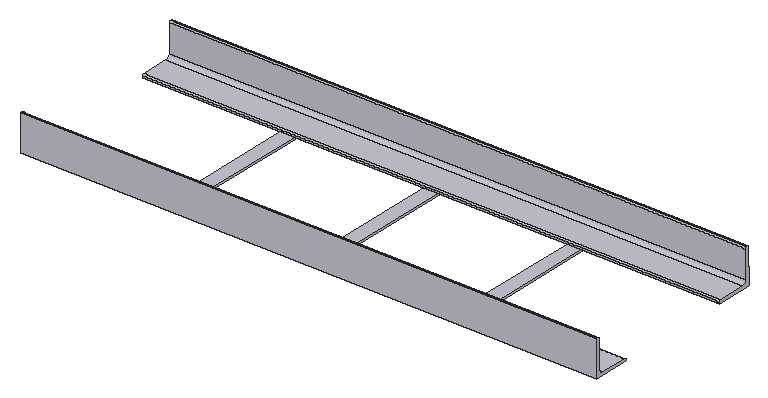
Revit family "PGS_Обобщенная модель_Перемычка металлическая_18.01_удален пар-р", category Обобщенные модели, Revit 2022
Family settings
  Основа = Стена
  Может служить основой для арматурных стержней = Нет
  Размер круглого соединителя = Использовать диаметр
  Тип детали = Нормальный
  Всегда вертикально = Да
  При загрузке вырезать с полостями = Нет
  Сохранять ориентацию аннотаций = Нет
  Общий = Да
  Точка принадлежности помещению = Нет
Parameters (values of type "ADSK_Обобщенная модель_Перемычка из уголков")
  уголок_опирание_2 [instance] = 250 mm
  уголок_опирание_1 [instance] = 250 mm
  толщина стены [instance] = Толщина стены  # 920 mm
  полоса_шаг [instance] = if(Полоса_Шаг < size_lookup(ТВ1, "b", 10 mm, Полоса), size_lookup(ТВ1, "b", 10 mm, Полоса), Полоса_Шаг)  # 500 mm
  Ширина проема [instance] = 1510 mm
  Уголок_Полки внутрь [instance] = no
  Толщина утеплителя [instance] = 0 mm
  Толщина сердцевины [instance] = 640 mm
  Толщина наружной отделки [instance] = 260 mm
  Толщина внутренней отделки [instance] = 20 mm
  ТВ3 = "Уголок_ГОСТ 8510-86"  # constant formula
  Проверка_неравн_уголок [instance] = if(m_неравн_на_мп > 0.00 kg/m, 1 = 1, 1 = 0)  # no
  Полоса [instance] = "6x50"
  Орг.ТипВключатьВСпецификацию [instance] = no
  Орг.ИзделиеТипПодсчета [instance] = 200  # constant formula
  Опорные уголки [instance] = "125х10"
  Мрк.МаркаКонструкции [instance] = ""
  Внутренний уголок [instance] = "125х10"
  Уголок для облицовки [instance] = "125х10"
  ТВ2 = "Уголок_ГОСТ 8509-93"  # constant formula
  толщина внутренней отделки [instance] = if(Толщина стены - Толщина внутренней отделки - Толщина наружной отделки = Толщина сердцевины, Толщина внутренней отделки, Толщина стены - Толщина внутренней отделки)  # 20 mm
  ТВ1 = "Прокат_Полоса_ГОСТ 103-2006"  # constant formula
  Размер четверти [instance] = 0 mm
  Пластина_отступ_массив [instance] = if((Ширина проема - полоса_шаг * (round(Ширина проема / полоса_шаг) - 1)) / 2 > size_lookup(ТВ1, "b", 0 mm, Полоса) / 2, (Ширина проема - полоса_шаг * (round(Ширина проема / полоса_шаг) - 1)) / 2, (Ширина проема - полоса_шаг * (round(Ширина проема / полоса_шаг) - 2)) / 2)  # 255 mm
  Полоса_Шаг [instance] = 500 mm
  Полоса_Отступ [instance] = 40 mm
  Пластина_Длина [instance] = Толщина сердцевины - 2 * Полоса_Отступ  # 560 mm
  Пластина_N [instance] = if((Ширина проема - Полоса_Шаг * (round(Ширина проема / Полоса_Шаг) - 1)) / 2 > size_lookup(ТВ1, "b", 0 mm, Полоса) / 2, Ширина проема / Полоса_Шаг, Ширина проема / Полоса_Шаг - 1)  # 3
  Перемычка 1 [instance] = Толщина утеплителя > 0 mm  # no
  Отметка по умолчанию = 0 mm
  Отметка перемычки [instance] = 2000 mm
  Описание = "Перемычка"  # constant formula
  Уголок_Длина [instance] = Ширина проема + уголок_опирание_1 + уголок_опирание_2  # 2010 mm
  Толщина стены [instance] = 920 mm
  Вкл_Видимость_1 уголок [instance] = no
  Видимость_опорный уголок_2 [instance] = no
  Видимость_опорный уголок_1 [instance] = no
  Видимость_2 уголок_неравн [instance] = if(and(Проверка_неравн_уголок, Вкл_Видимость_1 уголок), 1 = 0, if(Проверка_неравн_уголок, 1 = 1, 1 = 0))  # no
  Видимость_2 уголок [instance] = if(Вкл_Видимость_1 уголок, 1 = 0, if(not(Проверка_неравн_уголок), 1 = 1, 1 = 0))  # yes
  Видимость_1 уголок_неравн [instance] = if(Проверка_неравн_уголок, 1 = 1, 1 = 0)  # no
  Видимость_1 уголок [instance] = if(not(Видимость_1 уголок_неравн), 1 = 1, 1 = 0)  # yes
  Видимость пластин [instance] = if(or(Видимость_2 уголок, Видимость_2 уголок_неравн), 1 = 1, 1 = 0)  # yes
  m_полоса_на_мп [instance] = size_lookup(ТВ1, "ADSK_Масса на единицу длины", 0.00 kg/m, Полоса)  # 2.355 kg/m
  m_опорн_на_мп [instance] = size_lookup(ТВ2, "ADSK_Масса на единицу длины", 0.00 kg/m, Опорные уголки)  # 19.10 kg/m
  m_облиц_на_мп [instance] = size_lookup(ТВ2, "ADSK_Масса на единицу длины", 0.00 kg/m, Уголок для облицовки)  # 19.10 kg/m
  m_неравн_на_мп [instance] = size_lookup(ТВ3, "ADSK_Масса на единицу длины", 0.00 kg/m, Внутренний уголок)  # 0.00 kg/m
  m_внутр_на_мп [instance] = size_lookup(ТВ2, "ADSK_Масса на единицу длины", 0.00 kg/m, Внутренний уголок)  # 19.10 kg/m
  m4_2 [instance] = if(Видимость_опорный уголок_2, m_опорн_на_мп * Толщина сердцевины, 0.00 kg)  # 0.00 kg
  m4_1 [instance] = if(Видимость_опорный уголок_1, m_опорн_на_мп * Толщина сердцевины, 0.00 kg)  # 0.00 kg
  m3 [instance] = if(Видимость пластин, m_полоса_на_мп * Пластина_Длина, 0.00 kg)  # 1.3188 kg
  m2_4 [instance] = if(Видимость_2 уголок_неравн, m_неравн_на_мп * Уголок_Длина, 0.00 kg)  # 0.00 kg
  m2_3 [instance] = if(Видимость_1 уголок_неравн, m_неравн_на_мп * Уголок_Длина, 0.00 kg)  # 0.00 kg
  m2_2 [instance] = if(Видимость_2 уголок, m_внутр_на_мп * Уголок_Длина, 0.00 kg)  # 38.391 kg
  m2_1 [instance] = if(Видимость_1 уголок, m_внутр_на_мп * Уголок_Длина, 0.00 kg)  # 38.391 kg
  m1 [instance] = if(Перемычка 1, m_облиц_на_мп * Уголок_Длина, 0.00 kg)  # 0.00 kg
  b4 [instance] = if(Уголок_Полки внутрь, Толщина стены / 2 - Толщина внутренней отделки, Толщина стены / 2 - Толщина внутренней отделки + size_lookup(ТВ2, "t", 0 mm, Внутренний уголок))  # 450 mm
  b3 [instance] = Толщина стены / 2 - Толщина наружной отделки - Полоса_Отступ  # 160 mm
  b2 [instance] = if(Уголок_Полки внутрь, Толщина стены / 2 - Толщина наружной отделки, Толщина стены / 2 - Толщина наружной отделки + size_lookup(ТВ2, "t", 0 mm, Внутренний уголок))  # 210 mm
  b1 [instance] = Толщина стены / 2 - Толщина наружной отделки + Толщина утеплителя - size_lookup(ТВ2, "t", 0 mm, Уголок для облицовки)  # 190 mm
  PGS_МаркаПеремычки [instance] = ""
  ADSK_Позиция_Сортировка [instance] = size_lookup(ТВ2, "ADSK_Группа конструкций", 0, Внутренний уголок) * 10000000000 + size_lookup(ТВ1, "ADSK_Группа конструкций", 0, Полоса) * 100000000 + if(Перемычка 1, size_lookup(ТВ2, "ADSK_Группа конструкций", 0, Уголок для облицовки), 0) * 1000000 + Уголок_Длина / 100 mm * 10000 + Пластина_Длина / 10 mm * 100 + Полоса_Шаг / 10 mm + if(and(Размер четверти > 0 mm, Толщина утеплителя > 0 mm), 0.1, 0) + if(Толщина утеплителя > 0 mm, 0.2, 0) + if(Уголок_Полки внутрь, 0.01, 0)  # 588800206610
  ADSK_Наименование [instance] = "Перемычка металлическая"  # constant formula
  ADSK_Масса элемента [instance] = m1 + m2_1 + m2_2 + m2_3 + m2_4 + m3 * Пластина_N + m4_1 + m4_2  # 80.7384 kg
  ADSK_Группирование [instance] = "Родительское"
  ADSK_Группа конструкций [instance] = 6
  ADSK_Версия семейства = "1.0"  # constant formula
  ADSK_Версия Revit = "2022"  # constant formula
Types (2): name
  ADSK_Обобщенная модель_Перемычка из уголков
  Перемычка из уголков
Reference planes
  plane 1 "Стена": y = 0
  plane 2 "По центру (Влево/Вправо)": x = 125
  plane 3 "Сзади": y = 460
  plane 4: y = -440
  plane 5: y = 190
  plane 6: y = 160
  plane 7: y = -450
  plane 8 "Плоскость отметки": z = 2000
  plane 9: y = -120
  plane 10: z = 2000
  plane 11: y = -460
  plane 12: z = 0
  plane 13: x = -630
  plane 14: x = 880
  plane 15: x = -880
  plane 16: x = 1130
  plane 17: y = 210
  plane 18: x = -375
  plane 19: x = 125
Lines and regions (mm)
  model lines, style "InvisibleLines", not visible
    curve 1: line (125, 0, 2000) -> (125, 0, 0)
  symbolic lines, style "Условные элементы", detail levels coarse
    curve 2: line (-880, -120, 0) -> (1130, -120, 0)
Text (mm)
  text "Сторона размещения" at (-1848.837, 1116.779, 0), in view "Опорный уровень"
  text "Сторона размещения" at (0, 1409.804, 2854.306), in view "Слева"
  text "Сторона размещения" at (0, 499.811, 2980.732), in view "Справа"
Dimensions and locks
  locked: plane 3 "Сзади" to host wall
  "Толщина сердцевины": host wall to host wall
  "Размер четверти": plane 8 "Плоскость отметки" to plane 10
  "Толщина внутренней отделки": host wall to host wall
  "толщина внутренней отделки": plane 4 to plane 11
  "Толщина стены": host wall to host wall
  "Отметка перемычки": plane 8 "Плоскость отметки" to plane 12
  "Толщина наружной отделки": host wall to host wall
  equal spacing: host wall, plane 9, host wall
  equal spacing: plane 13, plane 2 "По центру (Влево/Вправо)", plane 14
  "Ширина проема": plane 13 to plane 14
  "толщина стены": plane 3 "Сзади" to plane 11
  "b1": plane 5 to plane 1 "Стена"
  "b3": plane 6 to plane 1 "Стена"
  "b4": plane 1 "Стена" to plane 7
  "b2": plane 17 to plane 1 "Стена"
  "полоса_шаг": plane 18 to plane 19
  "Пластина_отступ_массив": plane 13 to plane 18
  equal spacing: group 1, group 2, group 3  (x3)
  "уголок_опирание_2": plane 14 to plane 16
  "уголок_опирание_1": plane 15 to plane 13
  aligned and locked: plane 1 "Стена" to host wall
  aligned and locked: plane 10 to nested 1
  aligned and locked: level to plane 12
  aligned and locked: plane 2 "По центру (Влево/Вправо)" to curve 1
  aligned and locked: curve 2 to plane 9
  aligned and locked: plane 15 to curve 2
  aligned and locked: plane 16 to curve 2
  aligned and locked: plane 5 to nested 1
  aligned and locked: plane 8 "Плоскость отметки" to nested 2  (x2)
  aligned and locked: plane 6 to nested 2
  aligned and locked: plane 17 to nested 3
  aligned and locked: nested 4 to plane 7
  aligned and locked: plane 18 to nested 2
  aligned and locked: plane 19 to nested 5
  aligned and locked: nested 2 to plane 6
  aligned and locked: plane 6 to nested 5
  aligned and locked: nested 5 to plane 8 "Плоскость отметки"
  aligned and locked: nested 1 to plane 13
  aligned and locked: nested 3 to plane 13
  aligned and locked: plane 14 to nested 3
  aligned and locked: plane 13 to nested 4
  aligned and locked: nested 4 to plane 14
  aligned and locked: plane 15 to nested 7
  aligned and locked: plane 8 "Плоскость отметки" to nested 7
  aligned and locked: plane 16 to nested 8
  aligned and locked: nested 7 to plane 8 "Плоскость отметки"
  aligned and locked: plane 8 "Плоскость отметки" to nested 8
  aligned and locked: plane 4 to nested 7  (x2)
  aligned and locked: plane 4 to nested 8
  aligned and locked: nested 7 to plane 4
  aligned and locked: nested 10 to plane 2 "По центру (Влево/Вправо)"
  aligned and locked: plane 7 to nested 10
  aligned and locked: plane 17 to nested 9
  aligned and locked: nested 9 to plane 13
  aligned and locked: nested 10 to plane 13
  aligned and locked: nested 9 to plane 8 "Плоскость отметки"
  aligned and locked: nested 10 to plane 8 "Плоскость отметки"
Automatic sketch dimensions
  curve 1 to level = 0 mm
  curve 1 to plane 8 "Плоскость отметки" = 0 mm
Nested families
  nested 1: "ADSK_ОбобщеннаяМодель_Уголок_ГОСТ 85091" at (350, 190, 2000) x (-1, 0, 0) z (0, 0, 1), Тип уголка <- "Уголок для облицовки", visible <- "Перемычка 1", ADSK_Группа конструкций <- "ADSK_Группа конструкций", Орг.ТипВключатьВСпецификацию <- "Орг.ТипВключатьВСпецификацию", Мрк.МаркаКонструкции <- "Мрк.МаркаКонструкции", ADSK_Масса элемента <- "m1", Длина_без опирания <- "Ширина проема", Опирание_1 <- "уголок_опирание_2", Опирание_2 <- "уголок_опирание_1", type "ADSK_ОбобщеннаяМодель_Уголок_ГОСТ 8509-93", detail levels medium+fine
    with Тип уголка "125х10", Смещение по Z yes, Смещение по Y yes, Профиль развернут no, Орг.ТипВключатьВСпецификацию no, Орг.ИзделиеТипПодсчета 100, Опирание_2 250 mm, Опирание_1 250 mm, Длина_без опирания 1510 mm, t 1.0 cm, r 0.46 cm, iyo 2.47 cm, ix 3.85 cm, b 12.5 cm, Z 34.5 mm, Y 34.5 mm, Xo 3.45 cm, Wyo 30.45 cm³, Wx 39.74 cm³, R 1.4 cm, PGS_МаркаПеремычки "", Iyo 148.59 cm⁴, Ixy 211.00 cm⁴, Ixo 571.04 cm⁴, Ix 359.82 cm⁴, ADSK_Тип элемента КМ 2, ADSK_Позиция ведомость элементов "", ADSK_Наименование профиля "Уголки стальные горячекатаные равнополочные", ADSK_Наименование краткое "125x10", ADSK_Наименование "125x10", ADSK_Материал ADSK_Металл_Сталь литейная, ADSK_Масса элемента 0.00 kg, ADSK_Масса на единицу длины 19.10 kg/m, Мрк.МаркаКонструкции "", Мрк.МаркаИзделия "", ADSK_Деталь наоборот no, ADSK_Группирование "Вложенное", ADSK_Группа конструкций 6, ADSK_Главная деталь конструкции no, Орг.ГлавнаяДетальСборки no, ADSK_Размер_Длина 2010 mm
  nested 2: "ADSK_ОбобщеннаяМодель_Прокат_Полоса_ГОСТ 103-2006" at (-375, -400, 2000) x (0, 1, 0) z (0, 0, -1), Сечение проката <- "Полоса", ADSK_Размер_Длина <- "Пластина_Длина", visible <- "Видимость пластин", ADSK_Группа конструкций <- "ADSK_Группа конструкций", ADSK_Шаг элементов <- "Полоса_Шаг", Орг.ТипВключатьВСпецификацию <- "Орг.ТипВключатьВСпецификацию", Мрк.МаркаКонструкции <- "Мрк.МаркаКонструкции", ADSK_Масса элемента <- "m3", type "ADSK_ОбобщеннаяМодель_Прокат_Полоса_ГОСТ 103-2006", detail levels medium+fine
    with Угол поворота сечения 0.00°, Угол 0.00°, Угловой вырез_Сторона 2 2.0 cm, Угловой вырез_Сторона 1 4.0 cm, Угловой вырез_Радиус 2.0 cm, Угловой вырез_4 none, Угловой вырез_3 none, Угловой вырез_2 none, Угловой вырез_1 none, Смещение по Z yes, Смещение по Y no, Сечение проката "6x50", Орг.ТипВключатьВСпецификацию no, Орг.ИзделиеТипПодсчета 100, Вырез под болты_С торцов none, Вырез под болты_С боков none, Вырез под болты_Размер до центра 20 mm, Вырез под болты_Диаметр 20 mm, Видимость линии yes, b 5.0 cm, a 0.6 cm, Z(1) 0.6 cm, Z(-1) 0.0 cm, Z 0.3 cm, Y(1) 2.5 cm, Y(-1) 2.5 cm, Y 0.0 cm, PGS_МаркаПеремычки "", ADSK_Шаг элементов 500 mm, ADSK_Тип элемента КМ 2, ADSK_Размер_Длина 560 mm, ADSK_Позиция ведомость элементов "", ADSK_Обозначение "ГОСТ 103-2006", ADSK_НаименованиеСоставное_Текст1 "Полоса", ADSK_Наименование профиля "Прокат сортовой стальной горячекатаный полосовой", ADSK_Наименование краткое "t6", ADSK_Наименование "6x50", ADSK_Материал ADSK_Металл_Сталь литейная, ADSK_Масса элемента 1.3188 kg, ADSK_Масса на единицу длины 2.355 kg/m, Мрк.МаркаКонструкции "", Мрк.МаркаИзделия "", ADSK_Деталь наоборот no, ADSK_Группирование "Вложенное", ADSK_Группа конструкций 6, ADSK_Главная деталь конструкции no, Орг.ГлавнаяДетальСборки no
  nested 3: "ADSK_ОбобщеннаяМодель_Уголок_ГОСТ 85091" at (-100, 210, 2000), ADSK_Группа конструкций <- "ADSK_Группа конструкций", Тип уголка <- "Внутренний уголок", Профиль развернут <- "Уголок_Полки внутрь", visible <- "Видимость_2 уголок", Орг.ТипВключатьВСпецификацию <- "Орг.ТипВключатьВСпецификацию", Мрк.МаркаКонструкции <- "Мрк.МаркаКонструкции", ADSK_Масса элемента <- "m2_1", Опирание_1 <- "уголок_опирание_1", Опирание_2 <- "уголок_опирание_2", Длина_без опирания <- "Ширина проема", type "ADSK_ОбобщеннаяМодель_Уголок_ГОСТ 8509-93", detail levels medium+fine
    with Тип уголка "125х10", Смещение по Z yes, Смещение по Y yes, Профиль развернут no, Орг.ТипВключатьВСпецификацию no, Орг.ИзделиеТипПодсчета 100, Опирание_2 250 mm, Опирание_1 250 mm, Длина_без опирания 1510 mm, t 1.0 cm, r 0.46 cm, iyo 2.47 cm, ix 3.85 cm, b 12.5 cm, Z 34.5 mm, Y 34.5 mm, Xo 3.45 cm, Wyo 30.45 cm³, Wx 39.74 cm³, R 1.4 cm, PGS_МаркаПеремычки "", Iyo 148.59 cm⁴, Ixy 211.00 cm⁴, Ixo 571.04 cm⁴, Ix 359.82 cm⁴, ADSK_Тип элемента КМ 2, ADSK_Позиция ведомость элементов "", ADSK_Наименование профиля "Уголки стальные горячекатаные равнополочные", ADSK_Наименование краткое "125x10", ADSK_Наименование "125x10", ADSK_Материал ADSK_Металл_Сталь литейная, ADSK_Масса элемента 38.391 kg, ADSK_Масса на единицу длины 19.10 kg/m, Мрк.МаркаКонструкции "", Мрк.МаркаИзделия "", ADSK_Деталь наоборот no, ADSK_Группирование "Вложенное", ADSK_Группа конструкций 6, ADSK_Главная деталь конструкции no, Орг.ГлавнаяДетальСборки no, ADSK_Размер_Длина 2010 mm
  nested 4: "ADSK_ОбобщеннаяМодель_Уголок_ГОСТ 85091" at (-100, -450, 2000), ADSK_Группа конструкций <- "ADSK_Группа конструкций", Тип уголка <- "Внутренний уголок", Профиль развернут <- "Уголок_Полки внутрь", visible <- "Видимость_1 уголок", Орг.ТипВключатьВСпецификацию <- "Орг.ТипВключатьВСпецификацию", Мрк.МаркаКонструкции <- "Мрк.МаркаКонструкции", ADSK_Масса элемента <- "m2_1", Опирание_1 <- "уголок_опирание_1", Опирание_2 <- "уголок_опирание_2", Длина_без опирания <- "Ширина проема", type "ADSK_ОбобщеннаяМодель_Уголок_ГОСТ 8509-93", detail levels medium+fine
    with Тип уголка "125х10", Смещение по Z yes, Смещение по Y yes, Профиль развернут no, Орг.ТипВключатьВСпецификацию no, Орг.ИзделиеТипПодсчета 100, Опирание_2 250 mm, Опирание_1 250 mm, Длина_без опирания 1510 mm, t 1.0 cm, r 0.46 cm, iyo 2.47 cm, ix 3.85 cm, b 12.5 cm, Z 34.5 mm, Y 34.5 mm, Xo 3.45 cm, Wyo 30.45 cm³, Wx 39.74 cm³, R 1.4 cm, PGS_МаркаПеремычки "", Iyo 148.59 cm⁴, Ixy 211.00 cm⁴, Ixo 571.04 cm⁴, Ix 359.82 cm⁴, ADSK_Тип элемента КМ 2, ADSK_Позиция ведомость элементов "", ADSK_Наименование профиля "Уголки стальные горячекатаные равнополочные", ADSK_Наименование краткое "125x10", ADSK_Наименование "125x10", ADSK_Материал ADSK_Металл_Сталь литейная, ADSK_Масса элемента 38.391 kg, ADSK_Масса на единицу длины 19.10 kg/m, Мрк.МаркаКонструкции "", Мрк.МаркаИзделия "", ADSK_Деталь наоборот no, ADSK_Группирование "Вложенное", ADSK_Группа конструкций 6, ADSK_Главная деталь конструкции no, Орг.ГлавнаяДетальСборки no, ADSK_Размер_Длина 2010 mm
  nested 5: "ADSK_ОбобщеннаяМодель_Прокат_Полоса_ГОСТ 103-2006" at (125, -400, 2000) x (0, 1, 0) z (0, 0, -1), Сечение проката <- "Полоса", ADSK_Размер_Длина <- "Пластина_Длина", visible <- "Видимость пластин", ADSK_Группа конструкций <- "ADSK_Группа конструкций", ADSK_Шаг элементов <- "Полоса_Шаг", Орг.ТипВключатьВСпецификацию <- "Орг.ТипВключатьВСпецификацию", Мрк.МаркаКонструкции <- "Мрк.МаркаКонструкции", ADSK_Масса элемента <- "m3", type "ADSK_ОбобщеннаяМодель_Прокат_Полоса_ГОСТ 103-2006", detail levels medium+fine
    with Угол поворота сечения 0.00°, Угол 0.00°, Угловой вырез_Сторона 2 2.0 cm, Угловой вырез_Сторона 1 4.0 cm, Угловой вырез_Радиус 2.0 cm, Угловой вырез_4 none, Угловой вырез_3 none, Угловой вырез_2 none, Угловой вырез_1 none, Смещение по Z yes, Смещение по Y no, Сечение проката "6x50", Орг.ТипВключатьВСпецификацию no, Орг.ИзделиеТипПодсчета 100, Вырез под болты_С торцов none, Вырез под болты_С боков none, Вырез под болты_Размер до центра 20 mm, Вырез под болты_Диаметр 20 mm, Видимость линии yes, b 5.0 cm, a 0.6 cm, Z(1) 0.6 cm, Z(-1) 0.0 cm, Z 0.3 cm, Y(1) 2.5 cm, Y(-1) 2.5 cm, Y 0.0 cm, PGS_МаркаПеремычки "", ADSK_Шаг элементов 500 mm, ADSK_Тип элемента КМ 2, ADSK_Размер_Длина 560 mm, ADSK_Позиция ведомость элементов "", ADSK_Обозначение "ГОСТ 103-2006", ADSK_НаименованиеСоставное_Текст1 "Полоса", ADSK_Наименование профиля "Прокат сортовой стальной горячекатаный полосовой", ADSK_Наименование краткое "t6", ADSK_Наименование "6x50", ADSK_Материал ADSK_Металл_Сталь литейная, ADSK_Масса элемента 1.3188 kg, ADSK_Масса на единицу длины 2.355 kg/m, Мрк.МаркаКонструкции "", Мрк.МаркаИзделия "", ADSK_Деталь наоборот no, ADSK_Группирование "Вложенное", ADSK_Группа конструкций 6, ADSK_Главная деталь конструкции no, Орг.ГлавнаяДетальСборки no
  nested 6: "ADSK_ОбобщеннаяМодель_Прокат_Полоса_ГОСТ 103-2006" at (625, -400, 2000) x (0, 1, 0) z (0, 0, -1), Сечение проката <- "Полоса", ADSK_Размер_Длина <- "Пластина_Длина", visible <- "Видимость пластин", ADSK_Группа конструкций <- "ADSK_Группа конструкций", ADSK_Шаг элементов <- "Полоса_Шаг", Орг.ТипВключатьВСпецификацию <- "Орг.ТипВключатьВСпецификацию", Мрк.МаркаКонструкции <- "Мрк.МаркаКонструкции", ADSK_Масса элемента <- "m3", type "ADSK_ОбобщеннаяМодель_Прокат_Полоса_ГОСТ 103-2006", detail levels medium+fine
    with Угол поворота сечения 0.00°, Угол 0.00°, Угловой вырез_Сторона 2 2.0 cm, Угловой вырез_Сторона 1 4.0 cm, Угловой вырез_Радиус 2.0 cm, Угловой вырез_4 none, Угловой вырез_3 none, Угловой вырез_2 none, Угловой вырез_1 none, Смещение по Z yes, Смещение по Y no, Сечение проката "6x50", Орг.ТипВключатьВСпецификацию no, Орг.ИзделиеТипПодсчета 100, Вырез под болты_С торцов none, Вырез под болты_С боков none, Вырез под болты_Размер до центра 20 mm, Вырез под болты_Диаметр 20 mm, Видимость линии yes, b 5.0 cm, a 0.6 cm, Z(1) 0.6 cm, Z(-1) 0.0 cm, Z 0.3 cm, Y(1) 2.5 cm, Y(-1) 2.5 cm, Y 0.0 cm, PGS_МаркаПеремычки "", ADSK_Шаг элементов 500 mm, ADSK_Тип элемента КМ 2, ADSK_Размер_Длина 560 mm, ADSK_Позиция ведомость элементов "", ADSK_Обозначение "ГОСТ 103-2006", ADSK_НаименованиеСоставное_Текст1 "Полоса", ADSK_Наименование профиля "Прокат сортовой стальной горячекатаный полосовой", ADSK_Наименование краткое "t6", ADSK_Наименование "6x50", ADSK_Материал ADSK_Металл_Сталь литейная, ADSK_Масса элемента 1.3188 kg, ADSK_Масса на единицу длины 2.355 kg/m, Мрк.МаркаКонструкции "", Мрк.МаркаИзделия "", ADSK_Деталь наоборот no, ADSK_Группирование "Вложенное", ADSK_Группа конструкций 6, ADSK_Главная деталь конструкции no, Орг.ГлавнаяДетальСборки no
  nested 7: "ADSK_ОбобщеннаяМодель_Уголок_ГОСТ 85091_опорный" at (-755, -130, 2000) x (0, 1, 0) z (0, 0, -1), ADSK_Группа конструкций <- "ADSK_Группа конструкций", Тип уголка <- "Опорные уголки", visible <- "Видимость_опорный уголок_1", Орг.ТипВключатьВСпецификацию <- "Орг.ТипВключатьВСпецификацию", Мрк.МаркаКонструкции <- "Мрк.МаркаКонструкции", ADSK_Масса элемента <- "m4_1", ADSK_Размер_Длина <- "Толщина сердцевины", type "ADSK_ОбобщеннаяМодель_Уголок_ГОСТ 8509-93 2", detail levels medium+fine
    with Тип уголка "125х10", Смещение по Z yes, Смещение по Y yes, Профиль развернут yes, Орг.ТипВключатьВСпецификацию no, Орг.ИзделиеТипПодсчета 100, t 1.0 cm, r 0.46 cm, iyo 2.47 cm, ix 3.85 cm, b 12.5 cm, Z 34.5 mm, Y 90.5 mm, Xo 3.45 cm, Wyo 30.45 cm³, Wx 39.74 cm³, R 1.4 cm, PGS_МаркаПеремычки "", Iyo 148.59 cm⁴, Ixy 211.00 cm⁴, Ixo 571.04 cm⁴, Ix 359.82 cm⁴, ADSK_Тип элемента КМ 2, ADSK_Размер_Длина 640 mm, ADSK_Позиция ведомость элементов "", ADSK_Наименование профиля "Уголки стальные горячекатаные равнополочные", ADSK_Наименование краткое "125x10", ADSK_Наименование "125x10", ADSK_Материал ADSK_Металл_Сталь литейная, ADSK_Масса элемента 0.00 kg, ADSK_Масса на единицу длины 19.10 kg/m, Мрк.МаркаКонструкции "", Мрк.МаркаИзделия "", ADSK_Деталь наоборот no, ADSK_Группирование "Вложенное", ADSK_Группа конструкций 6, ADSK_Главная деталь конструкции no, Орг.ГлавнаяДетальСборки no
  nested 8: "ADSK_ОбобщеннаяМодель_Уголок_ГОСТ 85091_опорный" at (1130, -130, 2000) x (0, 1, 0) z (0, 0, -1), ADSK_Группа конструкций <- "ADSK_Группа конструкций", Тип уголка <- "Опорные уголки", visible <- "Видимость_опорный уголок_2", Орг.ТипВключатьВСпецификацию <- "Орг.ТипВключатьВСпецификацию", Мрк.МаркаКонструкции <- "Мрк.МаркаКонструкции", ADSK_Масса элемента <- "m4_2", ADSK_Размер_Длина <- "Толщина сердцевины", type "ADSK_ОбобщеннаяМодель_Уголок_ГОСТ 8509-93 2", detail levels medium+fine
    with Тип уголка "125х10", Смещение по Z yes, Смещение по Y yes, Профиль развернут no, Орг.ТипВключатьВСпецификацию no, Орг.ИзделиеТипПодсчета 100, t 1.0 cm, r 0.46 cm, iyo 2.47 cm, ix 3.85 cm, b 12.5 cm, Z 34.5 mm, Y 34.5 mm, Xo 3.45 cm, Wyo 30.45 cm³, Wx 39.74 cm³, R 1.4 cm, PGS_МаркаПеремычки "", Iyo 148.59 cm⁴, Ixy 211.00 cm⁴, Ixo 571.04 cm⁴, Ix 359.82 cm⁴, ADSK_Тип элемента КМ 2, ADSK_Размер_Длина 640 mm, ADSK_Позиция ведомость элементов "", ADSK_Наименование профиля "Уголки стальные горячекатаные равнополочные", ADSK_Наименование краткое "125x10", ADSK_Наименование "125x10", ADSK_Материал ADSK_Металл_Сталь литейная, ADSK_Масса элемента 0.00 kg, ADSK_Масса на единицу длины 19.10 kg/m, Мрк.МаркаКонструкции "", Мрк.МаркаИзделия "", ADSK_Деталь наоборот no, ADSK_Группирование "Вложенное", ADSK_Группа конструкций 6, ADSK_Главная деталь конструкции no, Орг.ГлавнаяДетальСборки no
  nested 9: "PGS_ОбобщеннаяМодель_Уголок_ГОСТ 8510-86" at (150, 155.1, 2034.3) x (-1, 0, 0) z (0, 0, 1), Опирание_1 <- "уголок_опирание_1", Опирание_2 <- "уголок_опирание_2", Длина_без опирания <- "Ширина проема", Тип уголка <- "Внутренний уголок", visible <- "Видимость_2 уголок_неравн", Мрк.МаркаКонструкции <- "Мрк.МаркаКонструкции", ADSK_Масса элемента <- "m2_4", Орг.ТипВключатьВСпецификацию <- "Орг.ТипВключатьВСпецификацию", Профиль развернут <- "Уголок_Полки внутрь", type "ADSK_ОбобщеннаяМодель_Уголок_ГОСТ 8510-86"
    with Тип уголка "125х10", Смещение по Z no, Смещение по Y no, Профиль развернут no, Орг.ТипВключатьВСпецификацию no, Орг.ИзделиеТипПодсчета 100, Орг.ГлавнаяДетальСборки no, Опирание_2 250 mm, Опирание_1 250 mm, Мрк.МаркаКонструкции "", Мрк.МаркаИзделия "", Длина_без опирания 1510 mm, t 0.3 cm, r 0.12 cm, lumin 0.00 cm⁴, ix 0.0 cm, iumin 0.0 cm, b 2.0 cm, Z 0 mm, Y 0 mm, Xo 0.12 cm, Wy 0.0 cm³, Wx 0.0 cm³, R 0.35 cm, PGS_МаркаПеремычки "", Iy 0.00 cm⁴, Ixy 0.00 cm⁴, Ix 0.00 cm⁴, ADSK_Тип элемента КМ 2, ADSK_Позиция ведомость элементов "", ADSK_Наименование профиля "Уголки стальные горячекатаные неравнополочные", ADSK_Наименование краткое "Неверный тип уголка", ADSK_Наименование "Неверный тип уголка", ADSK_Материал ADSK_Металл_Сталь литейная, ADSK_Масса элемента 0.00 kg, ADSK_Масса на единицу длины 0.00 kg/m, ADSK_Деталь наоборот no, ADSK_Группирование "Вложенное", ADSK_Группа конструкций 6, ADSK_Главная деталь конструкции no, ADSK_Размер_Длина 2010 mm
  nested 10: "PGS_ОбобщеннаяМодель_Уголок_ГОСТ 8510-86" at (100, -395.1, 2034.3), Опирание_1 <- "уголок_опирание_1", Опирание_2 <- "уголок_опирание_2", Длина_без опирания <- "Ширина проема", Тип уголка <- "Внутренний уголок", visible <- "Видимость_1 уголок_неравн", Мрк.МаркаКонструкции <- "Мрк.МаркаКонструкции", ADSK_Масса элемента <- "m2_3", Орг.ТипВключатьВСпецификацию <- "Орг.ТипВключатьВСпецификацию", Профиль развернут <- "Уголок_Полки внутрь", type "ADSK_ОбобщеннаяМодель_Уголок_ГОСТ 8510-86"
    with Тип уголка "125х10", Смещение по Z no, Смещение по Y no, Профиль развернут no, Орг.ТипВключатьВСпецификацию no, Орг.ИзделиеТипПодсчета 100, Орг.ГлавнаяДетальСборки no, Опирание_2 250 mm, Опирание_1 250 mm, Мрк.МаркаКонструкции "", Мрк.МаркаИзделия "", Длина_без опирания 1510 mm, t 0.3 cm, r 0.12 cm, lumin 0.00 cm⁴, ix 0.0 cm, iumin 0.0 cm, b 2.0 cm, Z 0 mm, Y 0 mm, Xo 0.12 cm, Wy 0.0 cm³, Wx 0.0 cm³, R 0.35 cm, PGS_МаркаПеремычки "", Iy 0.00 cm⁴, Ixy 0.00 cm⁴, Ix 0.00 cm⁴, ADSK_Тип элемента КМ 2, ADSK_Позиция ведомость элементов "", ADSK_Наименование профиля "Уголки стальные горячекатаные неравнополочные", ADSK_Наименование краткое "Неверный тип уголка", ADSK_Наименование "Неверный тип уголка", ADSK_Материал ADSK_Металл_Сталь литейная, ADSK_Масса элемента 0.00 kg, ADSK_Масса на единицу длины 0.00 kg/m, ADSK_Деталь наоборот no, ADSK_Группирование "Вложенное", ADSK_Группа конструкций 6, ADSK_Главная деталь конструкции no, ADSK_Размер_Длина 2010 mm
Definition of nested family "ADSK_ОбобщеннаяМодель_Уголок_ГОСТ 85091"
  Parameters (values of type "ADSK_ОбобщеннаяМодель_Уголок_ГОСТ 8509-93")
    Смещение по Z [instance] = no
    Смещение по Y [instance] = no
    Тип уголка [instance] = "50х5"
    ТВ = "Уголок_ГОСТ 8509-93"  # constant formula
    Профиль развернут [instance] = no
    Default Elevation = 1219.2 mm
    Орг.ТипВключатьВСпецификацию [instance] = no
    Орг.ИзделиеТипПодсчета [instance] = 100  # constant formula
    Опирание_2 [instance] = 50 mm
    Опирание_1 [instance] = 50 mm
    Длина_без опирания [instance] = 1510 mm
    r [instance] = size_lookup(ТВ, "r", 0.12 cm, ADSK_Наименование)  # 0.18 cm
    iyo [instance] = size_lookup(ТВ, "iyo", 0.0 cm, ADSK_Наименование)  # 0.98 cm
    ix [instance] = size_lookup(ТВ, "ix", 0.0 cm, ADSK_Наименование)  # 1.53 cm
    b [instance] = size_lookup(ТВ, "b", 2.0 cm, ADSK_Наименование)  # 5.0 cm
    t [instance] = size_lookup(ТВ, "t", 0.3 cm, ADSK_Наименование)  # 0.5 cm
    Z [instance] = if(Смещение по Z, Xo, 0 mm)  # 0 mm
    Y [instance] = if(Профиль развернут, if(Смещение по Y, b - Xo, 0 mm), if(Смещение по Y, Xo, 0 mm))  # 0 mm
    Xo [instance] = size_lookup(ТВ, "Xo", 0.12 cm, ADSK_Наименование)  # 1.42 cm
    Wyo [instance] = size_lookup(ТВ, "Wyo", 0.0 cm³, ADSK_Наименование)  # 2.3 cm³
    Wx [instance] = size_lookup(ТВ, "Wx", 0.0 cm³, ADSK_Наименование)  # 3.13 cm³
    R [instance] = size_lookup(ТВ, "R", 0.35 cm, ADSK_Наименование)  # 0.55 cm
    PGS_МаркаПеремычки [instance] = ""
    Iyo [instance] = size_lookup(ТВ, "Iyo", 0.00 cm⁴, ADSK_Наименование)  # 4.63 cm⁴
    Ixy [instance] = size_lookup(ТВ, "Ixy", 0.00 cm⁴, ADSK_Наименование)  # 6.57 cm⁴
    Ixo [instance] = size_lookup(ТВ, "Ixo", 0.00 cm⁴, ADSK_Наименование)  # 17.77 cm⁴
    Ix [instance] = size_lookup(ТВ, "Ix", 0.00 cm⁴, ADSK_Наименование)  # 11.20 cm⁴
    ADSK_Размер_Длина [instance] = 1610 mm
    ADSK_Позиция ведомость элементов [instance] = ""
    ADSK_Обозначение = "ГОСТ8509-93"  # constant formula
    ADSK_НаименованиеСоставное_Префикс = ""  # constant formula
    ADSK_НаименованиеСоставное_Текст1 = "Уголок"  # constant formula
    ADSK_Наименование краткое [instance] = ADSK_Наименование  # "50x5"
    ADSK_Наименование [instance] = size_lookup(ТВ, "", "Неверный тип уголка", Тип уголка)  # "50x5"
    ADSK_Материал [instance] = none
    ADSK_Масса элемента [instance] = 6.0697 kg
    ADSK_Масса на единицу длины [instance] = size_lookup(ТВ, "ADSK_Масса на единицу длины", 0.00 kg/m, ADSK_Наименование)  # 3.77 kg/m
    Мрк.МаркаКонструкции [instance] = ""
    ADSK_Тип элемента КМ [instance] = 2
    ADSK_Наименование профиля [instance] = "Уголки стальные горячекатаные равнополочные"  # constant formula
    Мрк.МаркаИзделия [instance] = ""
    ADSK_Деталь наоборот [instance] = no
    ADSK_Группирование [instance] = "Вложенное"  # constant formula
    ADSK_Группа конструкций [instance] = 6
    ADSK_Главная деталь конструкции [instance] = no
    Орг.ГлавнаяДетальСборки [instance] = no
    ADSK_Высота строки_Изображение = 0
    ADSK_Версия семейства = "1.0"  # constant formula
    ADSK_Версия Revit = "2021"  # constant formula
  Reference planes
    plane 1 "По центру (Вперед/Назад)": y = 0
    plane 2: z = 0
    plane 3 "По центру (Влево/Вправо)": x = 25
    plane 4: x = -780
    plane 5: x = 830
    plane 6: x = -730
    plane 7: x = 780
  Forms (mm)
    Sweep 1, solid, material <- "ADSK_Материал", detail levels coarse+medium
      path origin (0, 0, 0) x (1, 0, 0) y (0, 1, 0)
        loop
          line (830, 0) -> (-780, 0)
      profile "ADSK_Профиль_Уголок_ГОСТ 8509-93(ГОСТ 8510-86)_Средний : ADSK_Профиль_Уголок_ГОСТ 8509-93(ГОСТ 8510-86)_Средний" origin (25, 0, 0) x (0, -1, 0) y (0, 0, 1)
        loop
          line (-14.2, 35.8) -> (-14.2, -14.2) -> (35.8, -14.2) -> (35.8, -9.2) -> (-9.2, -9.2) -> (-9.2, 35.8) -> (-14.2, 35.8)
    Sweep 2, solid, material <- "ADSK_Материал", detail levels fine
      path origin (0, 0, 0) x (1, 0, 0) y (0, 1, 0)
        loop
          line (830, 0) -> (-780, 0)
      profile "ADSK_Профиль_Уголок_ГОСТ 8509-93(ГОСТ 8510-86)_Высокий : ADSK_Профиль_Уголок_ГОСТ 8509-93(ГОСТ 8510-86)_Высокий" origin (25, 0, 0) x (0, -1, 0) y (0, 0, 1)
        loop
          line (-14.2, 35.8) -> (-14.2, -14.2) -> (35.8, -14.2) -> (35.8, -11)
          arc (35.8, -11) -> (35.273, -9.727) -> (34, -9.2) r 1.8
          line (34, -9.2) -> (-3.7, -9.2)
          arc (-3.7, -9.2) -> (-7.589, -7.589) -> (-9.2, -3.7) r 5.5
          line (-9.2, -3.7) -> (-9.2, 34)
          arc (-9.2, 34) -> (-9.727, 35.273) -> (-11, 35.8) r 1.8
          line (-11, 35.8) -> (-14.2, 35.8)
  Lines and regions (mm)
    symbolic lines
      curve 1: line (830, 0, -9.2) -> (-780, 0, -9.2)
      curve 2: line (-780, 9.2, -10) -> (830, 9.2, -10)
  Dimensions and locks
    "Длина_без опирания": plane 6 to plane 7
    "Опирание_1": plane 4 to plane 6
    "Опирание_2": plane 7 to plane 5
    "ADSK_Размер_Длина": Sweep 2 to Sweep 2
    aligned and locked: level to plane 2
    aligned and locked: plane 1 "По центру (Вперед/Назад)" to Sweep 1 sketch curve
    aligned and locked: plane 5 to Sweep 1 sketch curve
    aligned and locked: plane 4 to Sweep 1 sketch curve
    aligned and locked: Sweep 2 sketch curve to plane 1 "По центру (Вперед/Назад)"
    aligned and locked: plane 4 to Sweep 2 sketch curve
    aligned and locked: plane 5 to Sweep 2 sketch curve
    aligned and locked: plane 5 to curve 1
    aligned and locked: plane 4 to curve 1
    aligned and locked: plane 4 to curve 2
    aligned and locked: plane 5 to curve 2
    aligned and locked: curve 1 to Sweep 1
    aligned and locked: curve 2 to Sweep 1
Definition of nested family "ADSK_ОбобщеннаяМодель_Прокат_Полоса_ГОСТ 103-2006"
  Parameters (values of type "ADSK_ОбобщеннаяМодель_Прокат_Полоса_ГОСТ 103-2006")
    Угол поворота сечения [instance] = 0.00°
    Угол [instance] = if(not(Угол поворота сечения < rounddown(Угол поворота сечения / 360.00°) * 360.00°), Угол поворота сечения - rounddown(Угол поворота сечения / 360.00°) * 360.00°, Угол поворота сечения)  # 0.00°
    Угловой вырез_Сторона 2 [instance] = 2.0 cm
    Угловой вырез_Сторона 1 [instance] = 4.0 cm
    Угловой вырез_Радиус [instance] = 2.0 cm
    Угловой вырез_4 [instance] = Нет : Нет
    Угловой вырез_3 [instance] = Нет : Нет
    Угловой вырез_2 [instance] = Нет : Нет
    Угловой вырез_1 [instance] = Нет : Нет
    ТВ = "Прокат_Полоса_ГОСТ 103-2006"  # constant formula
    Смещение по Z [instance] = no
    Смещение по Y [instance] = no
    Сечение проката [instance] = "5x60"
    Орг.ТипВключатьВСпецификацию [instance] = no
    Орг.ИзделиеТипПодсчета [instance] = 100  # constant formula
    Вырез под болты_С торцов [instance] = Нет : Нет
    Вырез под болты_С боков [instance] = Нет : Нет
    Вырез под болты_Размер до центра [instance] = 20 mm
    Вырез под болты_Диаметр [instance] = 20 mm
    Видимость линии [instance] = or(Угол = 0.00°, Угол = 90.00°, Угол = 180.00°, Угол = 270.00°, Угол = 360.00°)  # yes
    b [instance] = size_lookup(ТВ, "b", 0.5 cm, Сечение проката)  # 6.0 cm
    a [instance] = size_lookup(ТВ, "a", 0.5 cm, Сечение проката)  # 0.5 cm
    Z(1) [instance] = if(Смещение по Z, 2 * Z, if(Угол = 0.00°, a / 2, if(Угол < 90.00°, b / 2 * sin(Угол) + a / 2 * cos(Угол), if(Угол = 90.00°, b / 2, if(Угол < 180.00°, a / 2 * sin(Угол - 90.00°) + b / 2 * cos(Угол - 90.00°), if(Угол = 180.00°, a / 2, if(Угол < 270.00°, b / 2 * sin(Угол - 180.00°) + a / 2 * cos(Угол - 180.00°), if(Угол = 270.00°, b / 2, if(Угол < 360.00°, a / 2 * sin(Угол - 270.00°) + b / 2 * cos(Угол - 270.00°), if(Угол = 360.00°, a / 2, 0.0 cm))))))))))  # 0.25 cm
    Z(-1) [instance] = if(Смещение по Z, 0.0 cm, if(Угол = 0.00°, a / 2, if(Угол < 90.00°, b / 2 * sin(Угол) + a / 2 * cos(Угол), if(Угол = 90.00°, b / 2, if(Угол < 180.00°, a / 2 * sin(Угол - 90.00°) + b / 2 * cos(Угол - 90.00°), if(Угол = 180.00°, a / 2, if(Угол < 270.00°, b / 2 * sin(Угол - 180.00°) + a / 2 * cos(Угол - 180.00°), if(Угол = 270.00°, b / 2, if(Угол < 360.00°, a / 2 * sin(Угол - 270.00°) + b / 2 * cos(Угол - 270.00°), if(Угол = 360.00°, a / 2, 0.0 cm))))))))))  # 0.25 cm
    Z [instance] = if(Смещение по Z, if(Угол = 0.00°, a / 2, if(Угол < 90.00°, b / 2 * sin(Угол) + a / 2 * cos(Угол), if(Угол = 90.00°, b / 2, if(Угол < 180.00°, a / 2 * sin(Угол - 90.00°) + b / 2 * cos(Угол - 90.00°), if(Угол = 180.00°, a / 2, if(Угол < 270.00°, b / 2 * sin(Угол - 180.00°) + a / 2 * cos(Угол - 180.00°), if(Угол = 270.00°, b / 2, if(Угол < 360.00°, a / 2 * sin(Угол - 270.00°) + b / 2 * cos(Угол - 270.00°), if(Угол = 360.00°, a / 2, 0.0 cm))))))))), 0.0 cm)  # 0.0 cm
    Y(1) [instance] = if(Смещение по Y, 2 * Y, if(Угол = 0.00°, b / 2, if(Угол < 90.00°, b / 2 * cos(Угол) + a / 2 * sin(Угол), if(Угол = 90.00°, a / 2, if(Угол < 180.00°, a / 2 * cos(Угол - 90.00°) + b / 2 * sin(Угол - 90.00°), if(Угол = 180.00°, b / 2, if(Угол < 270.00°, b / 2 * cos(Угол - 180.00°) + a / 2 * sin(Угол - 180.00°), if(Угол = 270.00°, a / 2, if(Угол < 360.00°, a / 2 * cos(Угол - 270.00°) + b / 2 * sin(Угол - 270.00°), if(Угол = 360.00°, b / 2, 0.0 cm))))))))))  # 3.0 cm
    Y(-1) [instance] = if(Смещение по Y, 0.0 cm, if(Угол = 0.00°, b / 2, if(Угол < 90.00°, b / 2 * cos(Угол) + a / 2 * sin(Угол), if(Угол = 90.00°, a / 2, if(Угол < 180.00°, a / 2 * cos(Угол - 90.00°) + b / 2 * sin(Угол - 90.00°), if(Угол = 180.00°, b / 2, if(Угол < 270.00°, b / 2 * cos(Угол - 180.00°) + a / 2 * sin(Угол - 180.00°), if(Угол = 270.00°, a / 2, if(Угол < 360.00°, a / 2 * cos(Угол - 270.00°) + b / 2 * sin(Угол - 270.00°), if(Угол = 360.00°, b / 2, 0.0 cm))))))))))  # 3.0 cm
    Y [instance] = if(Смещение по Y, if(Угол = 0.00°, b / 2, if(Угол < 90.00°, b / 2 * cos(Угол) + a / 2 * sin(Угол), if(Угол = 90.00°, a / 2, if(Угол < 180.00°, a / 2 * cos(Угол - 90.00°) + b / 2 * sin(Угол - 90.00°), if(Угол = 180.00°, b / 2, if(Угол < 270.00°, b / 2 * cos(Угол - 180.00°) + a / 2 * sin(Угол - 180.00°), if(Угол = 270.00°, a / 2, if(Угол < 360.00°, a / 2 * cos(Угол - 270.00°) + b / 2 * sin(Угол - 270.00°), if(Угол = 360.00°, b / 2, 0.0 cm))))))))), 0.0 cm)  # 0.0 cm
    PGS_МаркаПеремычки [instance] = ""
    ADSK_Шаг элементов [instance] = 0 mm
    ADSK_Размер_Длина [instance] = 500 mm
    Default Elevation = 1100 mm
    ADSK_Обозначение [instance] = size_lookup(ТВ, "ADSK_Обозначение", "Полоса не найдена", Сечение проката)  # "ГОСТ 103-2006"
    ADSK_НаименованиеСоставное_Текст1 [instance] = size_lookup(ТВ, "ADSK_Наименование_Текст1", "Полоса не найдена", Сечение проката)  # "Полоса"
    ADSK_НаименованиеСоставное_Префикс = "—"  # constant formula
    ADSK_Наименование краткое [instance] = size_lookup(ТВ, "ADSK_Наименование краткое", "Полоса не найдена", Сечение проката)  # "t5"
    ADSK_Наименование [instance] = size_lookup(ТВ, "", "Полоса не найдена", Сечение проката)  # "5x60"
    ADSK_Материал [instance] = none
    ADSK_Масса элемента [instance] = 0.00 kg
    ADSK_Масса на единицу длины [instance] = size_lookup(ТВ, "ADSK_Масса на единицу длины", 0.00 kg/m, Сечение проката)  # 2.355 kg/m
    Мрк.МаркаКонструкции [instance] = ""
    ADSK_Тип элемента КМ [instance] = 4
    ADSK_Позиция ведомость элементов [instance] = ""
    ADSK_Наименование профиля [instance] = size_lookup(ТВ, "ADSK_Наименование профиля", "Полоса не найдена", Сечение проката)  # "Прокат сортовой стальной горячекатаный полосовой"
    Мрк.МаркаИзделия [instance] = ""
    ADSK_Деталь наоборот [instance] = no
    ADSK_Группирование [instance] = ""
    ADSK_Группа конструкций [instance] = 1
    ADSK_Главная деталь конструкции [instance] = no
    Орг.ГлавнаяДетальСборки [instance] = no
    ADSK_Высота строки_Изображение = 0
    ADSK_Версия семейства = "1.0"  # constant formula
    ADSK_Версия Revit = "2021"  # constant formula
  Reference planes
    plane 1 "По центру (Вперед/Назад)": y = 0
    plane 2: z = 0
    plane 3: x = 0
    plane 4 "По центру (Влево/Вправо)": x = 250
    plane 5: x = 500
    plane 6: y = 30
    plane 7: y = -30
    plane 8: z = 2.5
    plane 9: z = -2.5
    plane 10: z = 0
    plane 11: y = 0
  Forms (mm)
    Sweep 1, solid, material <- "ADSK_Материал", detail levels medium+fine
      path origin (0, 0, 0) x (1, 0, 0) y (0, 1, 0)
        loop
          line (500, 0) -> (0, 0)
      profile "ADSK_Профиль_Прямоугольник : ADSK_Профиль_Прямоугольник" origin (250, 0, 0) x (0, -1, 0) y (0, 0, 1)
        loop
          line (-30, 2.5) -> (-30, -2.5) -> (30, -2.5) -> (30, 2.5) -> (-30, 2.5)
  Lines and regions (mm)
    symbolic lines, detail levels coarse
      curve 1: line (0, 30, 0) -> (0, -30, 0)
    symbolic lines, visible <- "Видимость линии", detail levels coarse
      curve 2: line (0, 0, 0) -> (500, 0, 0)
    reference lines
      curve 3: line (0, 0, 0) -> (0, 0, 0.989)
  Dimensions and locks
    "ADSK_Размер_Длина": plane 3 to plane 5
    equal spacing: plane 3, plane 4 "По центру (Влево/Вправо)", plane 5
    equal spacing: plane 8, plane 10, plane 9
    "Z(1)": plane 8 to plane 2
    "Z(-1)": plane 2 to plane 9
    equal spacing: plane 6, plane 11, plane 7
    "Y(-1)": plane 6 to plane 1 "По центру (Вперед/Назад)"
    "Y(1)": plane 1 "По центру (Вперед/Назад)" to plane 7
    equal spacing: Sweep 1, curve 1, Sweep 1
    "Угол поворота сечения": angle plane 11 to curve 3
    aligned and locked: level to plane 2
    aligned and locked: plane 1 "По центру (Вперед/Назад)" to Sweep 1 sketch curve
    aligned and locked: plane 3 to Sweep 1 sketch curve
    aligned and locked: plane 5 to Sweep 1 sketch curve
    aligned and locked: Sweep 1 to curve 1  (x2)
    aligned and locked: plane 3 to curve 2
    aligned and locked: plane 5 to curve 2
    aligned and locked: curve 2 to plane 10
    aligned and locked: nested 1 to Sweep 1  (x2)
    aligned and locked: nested 2 to Sweep 1  (x2)
    aligned and locked: nested 4 to Sweep 1  (x2)
    aligned and locked: Sweep 1 to nested 3
    aligned and locked: nested 3 to Sweep 1
    aligned and locked: plane 4 "По центру (Влево/Вправо)" to nested 5
    aligned and locked: nested 6 to plane 4 "По центру (Влево/Вправо)"
    aligned and locked: nested 6 to Sweep 1
    aligned and locked: nested 5 to Sweep 1
    aligned and locked: nested 7 to Sweep 1
    aligned and locked: Sweep 1 to nested 8
    aligned and locked: plane 10 to curve 3
    aligned and locked: plane 11 to curve 3
    aligned and locked: curve 3 to nested 8
    aligned and locked: nested 7 to curve 3
  Nested families
    nested 1: "Нет" at (0, 30, 2.5), type <- "Угловой вырез_1", type "Нет"
    nested 2: "Нет" at (0, -30, 2.5) x (0, 1, 0) z (0, 0, 1), type <- "Угловой вырез_4", type "Нет"
    nested 3: "Нет" at (500, -30, 2.5) x (-1, 0, 0) z (0, 0, 1), type <- "Угловой вырез_3", type "Нет"
    nested 4: "Нет" at (500, 30, 2.5) x (0, -1, 0) z (0, 0, 1), type <- "Угловой вырез_2", type "Нет"
    nested 5: "Нет" at (250, 30, 2.5), type <- "Вырез под болты_С боков", type "Нет"
    nested 6: "Нет" at (250, -30, 2.5) x (-1, 0, 0) z (0, 0, 1), type <- "Вырез под болты_С боков", type "Нет"
    nested 7: "Нет" at (0, 0, 2.5) x (0, 1, 0) z (0, 0, 1), type <- "Вырез под болты_С торцов", type "Нет"
    nested 8: "Нет" at (500, 0, 2.5) x (0, -1, 0) z (0, 0, 1), type <- "Вырез под болты_С торцов", type "Нет"
  Definition of nested family "Нет"
    Parameters (values of type "Нет")
      Default Elevation = 1000 mm
      ADSK_Версия семейства = "1.0"  # constant formula
      ADSK_Версия Revit = "v2019"  # constant formula
    Reference planes
      plane 1 "По центру (Вперед/Назад)": y = 0
      plane 2: z = 0
      plane 3 "По центру (Влево/Вправо)": x = 0
    Forms (mm)
      Extrusion 1, solid
        sketch origin (400, 0, 0) x (1, 0, 0) y (0, 1, 0)
          loop
            line (-400, 0) -> (-400, -200) -> (-100, -200) -> (-100, 0) -> (-400, 0)
        from 0 to -20
    Dimensions and locks
      aligned and locked: plane 2 to Extrusion 1
      aligned and locked: level to Extrusion 1
Definition of nested family "ADSK_ОбобщеннаяМодель_Уголок_ГОСТ 85091_опорный"
  Parameters (values of type "ADSK_ОбобщеннаяМодель_Уголок_ГОСТ 8509-93 2")
    Смещение по Z [instance] = no
    Смещение по Y [instance] = no
    Тип уголка [instance] = "50х5"
    ТВ = "Уголок_ГОСТ 8509-93"  # constant formula
    Профиль развернут [instance] = no
    Default Elevation = 1219.2 mm
    Орг.ТипВключатьВСпецификацию [instance] = no
    Орг.ИзделиеТипПодсчета [instance] = 100  # constant formula
    r [instance] = size_lookup(ТВ, "r", 0.12 cm, ADSK_Наименование)  # 0.18 cm
    iyo [instance] = size_lookup(ТВ, "iyo", 0.0 cm, ADSK_Наименование)  # 0.98 cm
    ix [instance] = size_lookup(ТВ, "ix", 0.0 cm, ADSK_Наименование)  # 1.53 cm
    b [instance] = size_lookup(ТВ, "b", 2.0 cm, ADSK_Наименование)  # 5.0 cm
    t [instance] = size_lookup(ТВ, "t", 0.3 cm, ADSK_Наименование)  # 0.5 cm
    Z [instance] = if(Смещение по Z, Xo, 0 mm)  # 0 mm
    Y [instance] = if(Профиль развернут, if(Смещение по Y, b - Xo, 0 mm), if(Смещение по Y, Xo, 0 mm))  # 0 mm
    Xo [instance] = size_lookup(ТВ, "Xo", 0.12 cm, ADSK_Наименование)  # 1.42 cm
    Wyo [instance] = size_lookup(ТВ, "Wyo", 0.0 cm³, ADSK_Наименование)  # 2.3 cm³
    Wx [instance] = size_lookup(ТВ, "Wx", 0.0 cm³, ADSK_Наименование)  # 3.13 cm³
    R [instance] = size_lookup(ТВ, "R", 0.35 cm, ADSK_Наименование)  # 0.55 cm
    PGS_МаркаПеремычки [instance] = ""
    Iyo [instance] = size_lookup(ТВ, "Iyo", 0.00 cm⁴, ADSK_Наименование)  # 4.63 cm⁴
    Ixy [instance] = size_lookup(ТВ, "Ixy", 0.00 cm⁴, ADSK_Наименование)  # 6.57 cm⁴
    Ixo [instance] = size_lookup(ТВ, "Ixo", 0.00 cm⁴, ADSK_Наименование)  # 17.77 cm⁴
    Ix [instance] = size_lookup(ТВ, "Ix", 0.00 cm⁴, ADSK_Наименование)  # 11.20 cm⁴
    ADSK_Размер_Длина [instance] = 500 mm
    ADSK_Позиция ведомость элементов [instance] = ""
    ADSK_Обозначение = "ГОСТ8509-93"  # constant formula
    ADSK_НаименованиеСоставное_Префикс = ""  # constant formula
    ADSK_НаименованиеСоставное_Текст1 = "Уголок"  # constant formula
    ADSK_Наименование краткое [instance] = ADSK_Наименование  # "50x5"
    ADSK_Наименование [instance] = size_lookup(ТВ, "", "Неверный тип уголка", Тип уголка)  # "50x5"
    ADSK_Материал [instance] = none
    ADSK_Масса элемента [instance] = 0.00 kg
    ADSK_Масса на единицу длины [instance] = size_lookup(ТВ, "ADSK_Масса на единицу длины", 0.00 kg/m, ADSK_Наименование)  # 3.77 kg/m
    Мрк.МаркаКонструкции [instance] = ""
    ADSK_Тип элемента КМ [instance] = 2
    ADSK_Наименование профиля [instance] = "Уголки стальные горячекатаные равнополочные"  # constant formula
    Мрк.МаркаИзделия [instance] = ""
    ADSK_Деталь наоборот [instance] = no
    ADSK_Группирование [instance] = ""
    ADSK_Группа конструкций [instance] = 6
    ADSK_Главная деталь конструкции [instance] = no
    Орг.ГлавнаяДетальСборки [instance] = no
    ADSK_Высота строки_Изображение = 0
    ADSK_Версия семейства = "1.0"  # constant formula
    ADSK_Версия Revit = "2021"  # constant formula
  Reference planes
    plane 1 "По центру (Вперед/Назад)": y = 0
    plane 2: z = 0
    plane 3 "По центру (Влево/Вправо)": x = 10
    plane 4: x = -240
    plane 5: x = 260
  Forms (mm)
    Sweep 1, solid, material <- "ADSK_Материал", detail levels coarse+medium
      path origin (490, 0, 0) x (1, 0, 0) y (0, 1, 0)
        loop
          line (-230, 0) -> (-730, 0)
      profile "ADSK_Профиль_Уголок_ГОСТ 8509-93(ГОСТ 8510-86)_Средний : ADSK_Профиль_Уголок_ГОСТ 8509-93(ГОСТ 8510-86)_Средний" origin (10, 0, 0) x (0, -1, 0) y (0, 0, 1)
        loop
          line (-14.2, 35.8) -> (-14.2, -14.2) -> (35.8, -14.2) -> (35.8, -9.2) -> (-9.2, -9.2) -> (-9.2, 35.8) -> (-14.2, 35.8)
    Sweep 2, solid, material <- "ADSK_Материал", detail levels fine
      path origin (490, 0, 0) x (1, 0, 0) y (0, 1, 0)
        loop
          line (-230, 0) -> (-730, 0)
      profile "ADSK_Профиль_Уголок_ГОСТ 8509-93(ГОСТ 8510-86)_Высокий : ADSK_Профиль_Уголок_ГОСТ 8509-93(ГОСТ 8510-86)_Высокий" origin (10, 0, 0) x (0, -1, 0) y (0, 0, 1)
        loop
          line (-14.2, 35.8) -> (-14.2, -14.2) -> (35.8, -14.2) -> (35.8, -11)
          arc (35.8, -11) -> (35.273, -9.727) -> (34, -9.2) r 1.8
          line (34, -9.2) -> (-3.7, -9.2)
          arc (-3.7, -9.2) -> (-7.589, -7.589) -> (-9.2, -3.7) r 5.5
          line (-9.2, -3.7) -> (-9.2, 34)
          arc (-9.2, 34) -> (-9.727, 35.273) -> (-11, 35.8) r 1.8
          line (-11, 35.8) -> (-14.2, 35.8)
  Dimensions and locks
    "ADSK_Размер_Длина": plane 4 to plane 5
    equal spacing: plane 4, plane 3 "По центру (Влево/Вправо)", plane 5
    aligned and locked: level to plane 2
    aligned and locked: Sweep 2 to plane 5  (x2)
    aligned and locked: Sweep 1 to plane 5
    aligned and locked: Sweep 2 to plane 4
    aligned and locked: plane 4 to Sweep 2
  Automatic sketch dimensions
    plane 1 "По центру (Вперед/Назад)" to Sweep 1 sketch curve = 0 mm
    Sweep 1 sketch curve to plane 4 = 0 mm
    Sweep 1 sketch curve to plane 5 = 0 mm
    plane 1 "По центру (Вперед/Назад)" to Sweep 2 sketch curve = 0 mm
    Sweep 2 sketch curve to plane 4 = 0 mm
    Sweep 2 sketch curve to plane 5 = 0 mm
Definition of nested family "PGS_ОбобщеннаяМодель_Уголок_ГОСТ 8510-86"
  Parameters (values of type "ADSK_ОбобщеннаяМодель_Уголок_ГОСТ 8509-93 2")
    ТВ = "Уголок_ГОСТ 8510-86"  # constant formula
    Смещение по Z [instance] = no
    Смещение по Y [instance] = no
    Тип уголка [instance] = "80x60x6"
    Профиль развернут [instance] = no
    Default Elevation = 1219.2 mm
    Орг.ТипВключатьВСпецификацию [instance] = no
    Орг.ИзделиеТипПодсчета [instance] = 100  # constant formula
    Опирание_2 [instance] = 50 mm
    Опирание_1 [instance] = 50 mm
    Длина_без опирания [instance] = 1510 mm
    r [instance] = size_lookup(ТВ, "r", 0.12 cm, ADSK_Наименование)  # 0.27 cm
    iumin [instance] = size_lookup(ТВ, "iumin", 0.0 cm, ADSK_Наименование)  # 1.29 cm
    ix [instance] = size_lookup(ТВ, "ix", 0.0 cm, ADSK_Наименование)  # 2.53 cm
    b [instance] = size_lookup(ТВ, "b", 2.0 cm, ADSK_Наименование)  # 6.0 cm
    t [instance] = size_lookup(ТВ, "t", 0.3 cm, ADSK_Наименование)  # 0.6 cm
    Z [instance] = if(Смещение по Z, Xo, 0 mm)  # 0 mm
    Y [instance] = if(Профиль развернут, if(Смещение по Y, b - Xo, 0 mm), if(Смещение по Y, Xo, 0 mm))  # 0 mm
    Xo [instance] = size_lookup(ТВ, "Xo", 0.12 cm, ADSK_Наименование)  # 1.49 cm
    Wy [instance] = size_lookup(ТВ, "Wy", 0.0 cm³, ADSK_Наименование)  # 5.58 cm³
    Wx [instance] = size_lookup(ТВ, "Wx", 0.0 cm³, ADSK_Наименование)  # 9.42 cm³
    R [instance] = size_lookup(ТВ, "R", 0.35 cm, ADSK_Наименование)  # 0.8 cm
    PGS_МаркаПеремычки [instance] = ""
    lumin [instance] = size_lookup(ТВ, "Iumin", 0.00 cm⁴, ADSK_Наименование)  # 13.61 cm⁴
    Ixy [instance] = size_lookup(ТВ, "Ixy", 0.00 cm⁴, ADSK_Наименование)  # 20.98 cm⁴
    Iy [instance] = size_lookup(ТВ, "Iy", 0.00 cm⁴, ADSK_Наименование)  # 25.18 cm⁴
    Ix [instance] = size_lookup(ТВ, "Ix", 0.00 cm⁴, ADSK_Наименование)  # 52.06 cm⁴
    ADSK_Размер_Длина [instance] = 1610 mm
    ADSK_Позиция ведомость элементов [instance] = ""
    ADSK_Обозначение = "ГОСТ 8510-86"  # constant formula
    ADSK_НаименованиеСоставное_Префикс = ""  # constant formula
    ADSK_НаименованиеСоставное_Текст1 = "Уголок"  # constant formula
    ADSK_Наименование краткое [instance] = ADSK_Наименование  # "80x60x6"
    ADSK_Наименование [instance] = size_lookup(ТВ, "", "Неверный тип уголка", Тип уголка)  # "80x60x6"
    ADSK_Материал [instance] = none
    ADSK_Масса элемента [instance] = 6.0697 kg
    ADSK_Масса на единицу длины [instance] = size_lookup(ТВ, "ADSK_Масса на единицу длины", 0.00 kg/m, ADSK_Наименование)  # 6.39 kg/m
    Мрк.МаркаКонструкции [instance] = ""
    ADSK_Тип элемента КМ [instance] = 2
    ADSK_Наименование профиля [instance] = "Уголки стальные горячекатаные неравнополочные"  # constant formula
    Мрк.МаркаИзделия [instance] = ""
    ADSK_Деталь наоборот [instance] = no
    ADSK_Группирование [instance] = "Вложенное"  # constant formula
    ADSK_Группа конструкций [instance] = 6
    ADSK_Главная деталь конструкции [instance] = no
    Орг.ГлавнаяДетальСборки [instance] = no
    ADSK_Высота строки_Изображение = 0
    ADSK_Версия семейства = "1.0"  # constant formula
    ADSK_Версия Revit = "2022"  # constant formula
  Reference planes
    plane 1 "По центру (Вперед/Назад)": y = 0
    plane 2: z = 0
    plane 3 "По центру (Влево/Вправо)": x = 25
    plane 4: x = -780
    plane 5: x = 830
    plane 6: x = -730
    plane 7: x = 780
  Forms (mm)
    Sweep 1, solid, material <- "ADSK_Материал", detail levels coarse+medium
      path origin (0, -30.4, 0.2) x (1, 0, 0) y (0, 0, -1)
        loop
          line (830, 0) -> (-780, 0)
      profile "ADSK_Профиль_Уголок_ГОСТ 8509-93(ГОСТ 8510-86)_Средний : ADSK_Профиль_Уголок_ГОСТ 8509-93(ГОСТ 8510-86)_Средний" origin (25, -30.4, 0.2) x (0, 0, 1) y (0, 1, 0)
        loop
          line (-14.9, 55.3) -> (-14.9, -24.7) -> (45.1, -24.7) -> (45.1, -18.7) -> (-8.9, -18.7) -> (-8.9, 55.3) -> (-14.9, 55.3)
    Sweep 2, solid, material <- "ADSK_Материал", detail levels fine
      path origin (0, -30.4, 0.2) x (1, 0, 0) y (0, 0, -1)
        loop
          line (830, 0) -> (-780, 0)
      profile "ADSK_Профиль_Уголок_ГОСТ 8509-93(ГОСТ 8510-86)_Высокий : ADSK_Профиль_Уголок_ГОСТ 8509-93(ГОСТ 8510-86)_Высокий" origin (25, -30.4, 0.2) x (0, 0, 1) y (0, 1, 0)
        loop
          line (-14.9, 55.3) -> (-14.9, -24.7) -> (45.1, -24.7) -> (45.1, -21.4)
          arc (45.1, -21.4) -> (44.309, -19.491) -> (42.4, -18.7) r 2.7
          line (42.4, -18.7) -> (-0.9, -18.7)
          arc (-0.9, -18.7) -> (-6.557, -16.357) -> (-8.9, -10.7) r 8
          line (-8.9, -10.7) -> (-8.9, 52.6)
          arc (-8.9, 52.6) -> (-9.691, 54.509) -> (-11.6, 55.3) r 2.7
          line (-11.6, 55.3) -> (-14.9, 55.3)
  Lines and regions (mm)
    symbolic lines
      curve 1: line (830, 0, -18.7) -> (-780, 0, -18.7)
      curve 2: line (-780, 8.9, -10) -> (830, 8.9, -10)
  Dimensions and locks
    "Длина_без опирания": plane 6 to plane 7
    "Опирание_1": plane 4 to plane 6
    "Опирание_2": plane 7 to plane 5
    "ADSK_Размер_Длина": Sweep 2 to Sweep 2
    equal spacing: plane 6, plane 3 "По центру (Влево/Вправо)", plane 7
    aligned and locked: level to plane 2
    aligned and locked: plane 5 to Sweep 1 sketch curve
    aligned and locked: plane 4 to Sweep 1 sketch curve
    aligned and locked: plane 4 to Sweep 2 sketch curve
    aligned and locked: plane 5 to Sweep 2 sketch curve
    aligned and locked: plane 5 to curve 1
    aligned and locked: plane 4 to curve 1
    aligned and locked: plane 4 to curve 2
    aligned and locked: plane 5 to curve 2
  Automatic sketch dimensions
    level to Sweep 2 sketch curve = 0.2 mm
    curve 1 to level = 18.7 mm
    curve 2 to plane 1 "По центру (Вперед/Назад)" = 8.9 mm
    level to Sweep 1 sketch curve = 0.2 mm
